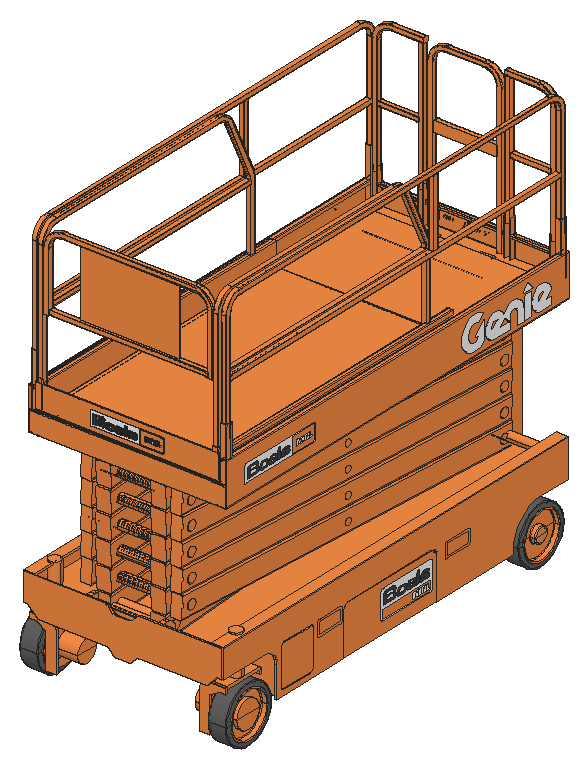
Revit family "BoelsRental_ScissorLift_Genie_GS4655a", category Site, Revit 2019
Family settings
  Round Connector Dimension = Use Diameter
  Part Type = Normal
  OmniClass Number = 23.50.05.14.11
  OmniClass Title = Scissors Lifts
  Work Plane-Based = No
  Always vertical = Yes
  Cut with Voids When Loaded = No
  Shared = No
Parameters (values of type "GS4655")
  _ObjectUserGuide = "https://www.boels.com/"
  _DistributedBy = "https://www.boels.com/"
  _CurrentRevision = 1
  _CreatedBy = "https://www.boels.com/"
  _BimSpecGuid = 0
  _BSBibleVersion = 16
  _AuthorizedBy = "bimstore"
  _Author = "Boels Rental (Genie)"
  WorkingHeightClearanceZone [instance] = no
  WarrantyStartDate [instance] = "Please Record On Commissioning."
  WarrantyGuarantorParts = "https://www.boels.com/"
  WarrantyGuarantorLabor = "https://www.boels.com/"
  WarrantyDurationUnit = "Years"
  WarrantyDurationParts = "0"
  WarrantyDurationLabor = "0"
  WarrantyDescription = "n/a"
  URL = "https://www.boels.com/"
  TypeName = "Scissor Lift - GS4655"
  Type Comments = "Scissor Lift - GS4655"
  SpareParts = "n/a"
  Size = "1400mm x 2750mm x 3140mm"
  Shape = "n/a"
  SerialNumber [instance] = "Please Record On Commissioning."
  ScissorHeightCalc [instance] = if(ScissorHeight > ScissorHeightMax, ScissorHeightMax, if(ScissorHeight < ScissorHeighttMin, ScissorHeighttMin, ScissorHeight))  # 950 mm
  ScissorHeight [instance] = 950 mm
  ReplacementCost = "n/a"
  ReferencedStandard = "n/a"
  ProductionYear = "2022"
  ProductPageLink = "https://www.boels.com/en-it/hire/aerial-work-platform-scissor-lift-173-m-jlg-153-12/p/18069"
  PlatformExtensionMin [instance] = 0 mm  # constant formula
  PlatformExtensionMax [instance] = 1220 mm  # constant formula
  PlatformExtension [instance] = 0 mm
  NominalLength = 3140 mm
  NominalHeight = 2750 mm
  NominalDepth = 1400 mm
  NBSReference = "90-80-65/350"
  NBSOfficeMasterTag = "n/a"
  NBSObjectName = "Boels Rental - Vertical lifting platforms"
  NBSNote = "n/a"
  NBSDescription = "Vertical lifting platforms"
  ModelReference = "Scissor Lift"
  ModelNumber = "GS4655"
  Model = "Scissor Lift - GS4655"
  Material = "Steel"
  ManufacturerName = "Boels Rental (Genie)"
  Manufacturer = "Boels Rental (Genie)"
  Keynote = "X"
  InstallationDate [instance] = "Please Record On Commissioning."
  IfcExportType = "IfcTransportElementType"
  IfcExportAs = "IfcTransportElement"
  Grade = "n/a"
  Finish = "n/a"
  Features = "n/a"
  ExtensionBasketClearanceZone [instance] = no
  ExpectedLife = 0
  ScissorHeighttMin [instance] = 950 mm  # constant formula
  ScissorHeightMax [instance] = 13265 mm  # constant formula
  PlatformExtensionCalc [instance] = if(PlatformExtension > PlatformExtensionMax, PlatformExtensionMax, if(PlatformExtension < PlatformExtensionMin, PlatformExtensionMin, PlatformExtension))  # 0 mm
  ErrorMessage [instance] = "No Error"
  Error [instance] = no
  DurationUnit = "Years"
  DocumentationTechnical = "https://www.boels.com/"
  DocumentationMaintenance = "https://www.boels.com/"
  DocumentationLiterature = "https://www.boels.com/"
  DocumentationInstallationGuide = "https://www.boels.com/"
  DocumentationCertificates = "https://www.boels.com/"
  Description = "SCISSOR LIFT, SELF-PROPELLED, ELEC. <15 M"
  CreatedOn = "2022-03-01T09:00:00"
  CreatedBy = "https://www.boels.com/"
  Cost = 0
  Constituents = "n/a"
  Color = "n/a"
  CodePerformance = "n/a"
  ClassificationValue = "Pr_65_80_47_95"
  ClassificationName = "Uniclass2015"
  C = 2640 mm  # constant formula
  BoelsSubgroup = "18069 - Scissor lift 17.3m battery"
  BasketHeight = 1210 mm  # constant formula
  BaseHeight = 595 mm  # constant formula
  BarCode [instance] = "Please Record On Commissioning."
  BIMObjectName = "BoelsRental_ScissorLift_Genie_GS4655"
  B [instance] = ScissorHeightCalc / 6  # 158.333 mm
  AssetType = "Movable"
  AssetIdentifier [instance] = "Please Record On Commissioning."
  Assembly Code = "E1030100"
  AccessibilityPerformance = "n/a"
  A [instance] = sqrt(C ^ 2 - B ^ 2)  # 2635.248 mm
Reference planes
  plane 1 "Center (Front/Back)": y = 0
  plane 2: z = 0
  plane 3 "Center (Left/Right)": x = 0
  plane 4: z = 2755
  plane 5: z = 1545
  plane 6: z = 595
  plane 7: y = 1220.248
  plane 8: y = -1415
  plane 9: z = 753.333
  plane 10: z = 911.667
  plane 11: z = 1070
  plane 12: z = 1228.333
  plane 13: z = 1386.667
  plane 14: y = 0
  plane 15: y = -1520
Forms (mm)
  Extrusion 1, solid, material "BoelsRental_ClearanceZone", visible <- "ExtensionBasketClearanceZone"
    sketch origin (2163.498, -234.389, 0) x (1, 0, 0) y (0, 1, 0)
      loop
        line (-2862.998, -1180.611) -> (-2862.998, -1285.611) -> (-1463.998, -1285.611) -> (-1463.998, -1180.611) -> (-2862.998, -1180.611)
    from 0 to 1545
Lines and regions (mm)
  reference lines
    curve 1: line (0, 1220.248, 1545) -> (0, -1415, 1386.667)
    curve 2: line (0, 1220.248, 1386.667) -> (0, -1415, 1228.333)
    curve 3: line (0, 1220.248, 1228.333) -> (0, -1415, 1070)
    curve 4: line (0, 1220.248, 1070) -> (0, -1415, 911.667)
    curve 5: line (0, 1220.248, 911.667) -> (0, -1415, 753.333)
    curve 6: line (0, 1220.248, 753.333) -> (0, -1415, 595)
    curve 7: line (0, 1220.248, 753.333) -> (0, 1208.253, 952.973)
    curve 8: line (0, 1220.248, 911.667) -> (0, 1208.253, 1111.307)
    curve 9: line (0, 1220.248, 1070) -> (0, 1208.253, 1269.64)
    curve 10: line (0, 1220.248, 1228.333) -> (0, 1208.253, 1427.973)
    curve 11: line (0, 1220.248, 1386.667) -> (0, 1208.253, 1586.307)
    curve 12: line (0, 1220.248, 1545) -> (0, 1208.253, 1744.64)
    curve 13: line (0, 1220.248, 595) -> (0, -1415, 753.333)
    curve 14: line (0, 1220.248, 753.333) -> (0, -1415, 911.667)
    curve 15: line (0, 1220.248, 911.667) -> (0, -1415, 1070)
    curve 16: line (0, 1220.248, 1070) -> (0, -1415, 1228.333)
    curve 17: line (0, 1220.248, 1228.333) -> (0, -1415, 1386.667)
    curve 18: line (0, 1220.248, 1386.667) -> (0, -1415, 1545)
    curve 19: line (0, -1415, 753.333) -> (0, -1403.005, 952.973)
    curve 20: line (0, -1415, 911.667) -> (0, -1403.005, 1111.307)
    curve 21: line (0, -1415, 1070) -> (0, -1403.005, 1269.64)
    curve 22: line (0, -1415, 1228.333) -> (0, -1403.005, 1427.973)
    curve 23: line (0, -1415, 1386.667) -> (0, -1403.005, 1586.307)
    curve 24: line (0, -1415, 1545) -> (0, -1403.005, 1744.64)
Dimensions and locks
  "BasketHeight": plane 4 to plane 5
  "BaseHeight": plane 6 to plane 2
  "ScissorHeightCalc": plane 5 to plane 6
  "A": plane 7 to plane 8
  locked: plane 1 "Center (Front/Back)" to plane 8 at 1415
  equal spacing: plane 5, plane 13, plane 12, plane 11, plane 10, plane 9, plane 6
  "PlatformExtensionCalc": plane 1 "Center (Front/Back)" to plane 14
  locked: nested 16 to plane 5 at 250
  locked: plane 14 to plane 15 at 1520
  locked: curve 6 to curve 7 (angle 90.00°)
  locked: curve 5 to curve 8 (angle 90.00°)
  locked: curve 4 to curve 9 (angle 90.00°)
  locked: curve 3 to curve 10 (angle 90.00°)
  locked: curve 2 to curve 11 (angle 90.00°)
  locked: curve 1 to curve 12 (angle 90.00°)
  locked: curve 19 to curve 13 (angle 90.00°)
  locked: curve 20 to curve 14 (angle 90.00°)
  locked: curve 21 to curve 15 (angle 90.00°)
  locked: curve 22 to curve 16 (angle 90.00°)
  locked: curve 23 to curve 17 (angle 90.00°)
  locked: curve 24 to curve 18 (angle 90.00°)
  aligned and locked: level to plane 2
  aligned and locked: plane 7 to curve 5
  aligned and locked: plane 7 to curve 4
  aligned and locked: plane 7 to curve 3
  aligned and locked: plane 7 to curve 1
  aligned and locked: plane 8 to curve 6
  aligned and locked: plane 6 to curve 6
  aligned and locked: plane 9 to curve 6
  aligned and locked: plane 11 to curve 4
  aligned and locked: plane 12 to curve 3
  aligned and locked: plane 7 to curve 7
  aligned and locked: plane 7 to curve 18
  aligned and locked: plane 7 to curve 13
  aligned and locked: plane 8 to curve 17
  aligned and locked: plane 6 to curve 13
  aligned and locked: plane 9 to curve 13
  aligned and locked: plane 10 to curve 15
  aligned and locked: plane 12 to curve 16
  aligned and locked: plane 13 to curve 17
  aligned and locked: plane 13 to curve 18
  aligned and locked: plane 5 to curve 18
  aligned and locked: plane 8 to curve 19
  aligned and locked: plane 8 to curve 20
  aligned and locked: plane 8 to curve 21
  aligned and locked: plane 8 to curve 22
  aligned and locked: plane 8 to curve 24
  aligned and locked: plane 11 to curve 21
  aligned and locked: plane 10 to curve 20
  aligned and locked: nested 12 to curve 12
  aligned and locked: nested 11 to curve 11
  aligned and locked: nested 10 to curve 10
  aligned and locked: nested 9 to curve 9
  aligned and locked: nested 8 to curve 8
  aligned and locked: nested 2 to curve 7
  aligned and locked: nested 1 to curve 19
  aligned and locked: nested 3 to curve 20
  aligned and locked: nested 4 to curve 21
  aligned and locked: nested 5 to curve 22
  aligned and locked: nested 6 to curve 23
  aligned and locked: nested 7 to curve 24
  aligned and locked: plane 3 "Center (Left/Right)" to nested 7
  aligned and locked: plane 3 "Center (Left/Right)" to nested 12
  aligned and locked: plane 3 "Center (Left/Right)" to nested 6
  aligned and locked: plane 3 "Center (Left/Right)" to nested 11
  aligned and locked: plane 3 "Center (Left/Right)" to nested 5
  aligned and locked: plane 3 "Center (Left/Right)" to nested 10
  aligned and locked: plane 3 "Center (Left/Right)" to nested 4
  aligned and locked: plane 3 "Center (Left/Right)" to nested 9
  aligned and locked: plane 3 "Center (Left/Right)" to nested 3
  aligned and locked: plane 3 "Center (Left/Right)" to nested 8
  aligned and locked: plane 3 "Center (Left/Right)" to nested 1
  aligned and locked: plane 3 "Center (Left/Right)" to nested 2
  aligned and locked: plane 1 "Center (Front/Back)" to nested 13
  aligned and locked: plane 3 "Center (Left/Right)" to nested 13
  aligned and locked: plane 1 "Center (Front/Back)" to nested 14
  aligned and locked: plane 14 to nested 15
  aligned and locked: plane 3 "Center (Left/Right)" to nested 15
  aligned and locked: plane 3 "Center (Left/Right)" to nested 14
  aligned and locked: Extrusion 1 to level
  aligned and locked: level to Extrusion 1
  aligned and locked: plane 14 to nested 16
  aligned and locked: plane 3 "Center (Left/Right)" to nested 16
  aligned and locked: nested 13 to Extrusion 1 sketch curve
  aligned and locked: Extrusion 1 sketch curve to nested 13
  aligned and locked: Extrusion 1 to plane 8
  aligned and locked: plane 15 to Extrusion 1
  aligned and locked: plane 5 to Extrusion 1
Automatic sketch dimensions
  curve 12 to plane 5 = 0 mm
  plane 8 to Extrusion 1 sketch curve = 0 mm
  Extrusion 1 sketch curve to Extrusion 1 sketch curve = 105 mm
Nested families
  nested 1: "GS4655_Arm" at (0, -97.376, 674.167) x (1, 0, 0) z (0, 0.06, 0.9982), type "GS4655_ArmOutter"
    with Thickness 75 mm, Outter yes, Offset 265 mm, Inner no
  nested 2: "GS4655_Arm" at (0, -97.376, 674.167) x (1, 0, 0) z (0, -0.06, 0.9982), type "GS4655_ArmInner"
  nested 3: "GS4655_Arm" at (0, -97.376, 832.5) x (1, 0, 0) z (0, 0.06, 0.9982), type "GS4655_ArmOutter"
    with Thickness 75 mm, Outter yes, Offset 265 mm, Inner no
  nested 4: "GS4655_Arm" at (0, -97.376, 990.833) x (1, 0, 0) z (0, 0.06, 0.9982), type "GS4655_ArmOutter"
    with Thickness 75 mm, Outter yes, Offset 265 mm, Inner no
  nested 5: "GS4655_Arm" at (0, -97.376, 1149.167) x (1, 0, 0) z (0, 0.06, 0.9982), type "GS4655_ArmOutter"
    with Thickness 75 mm, Outter yes, Offset 265 mm, Inner no
  nested 6: "GS4655_Arm" at (0, -97.376, 1307.5) x (1, 0, 0) z (0, 0.06, 0.9982), type "GS4655_ArmOutter"
    with Thickness 75 mm, Outter yes, Offset 265 mm, Inner no
  nested 7: "GS4655_Arm" at (0, -97.376, 1465.833) x (1, 0, 0) z (0, 0.06, 0.9982), type "GS4655_ArmOutter"
    with Thickness 75 mm, Outter yes, Offset 265 mm, Inner no
  nested 8: "GS4655_Arm" at (0, -97.376, 832.5) x (1, 0, 0) z (0, -0.06, 0.9982), type "GS4655_ArmInner"
  nested 9: "GS4655_Arm" at (0, -97.376, 990.833) x (1, 0, 0) z (0, -0.06, 0.9982), type "GS4655_ArmInner"
  nested 10: "GS4655_Arm" at (0, -97.376, 1149.167) x (1, 0, 0) z (0, -0.06, 0.9982), type "GS4655_ArmInner"
  nested 11: "GS4655_Arm" at (0, -97.376, 1307.5) x (1, 0, 0) z (0, -0.06, 0.9982), type "GS4655_ArmInner"
  nested 12: "GS4655_Arm" at (0, -97.376, 1465.833) x (1, 0, 0) z (0, -0.06, 0.9982), type "GS4655_ArmInner"
  nested 13: "GS4655_Base" at (0, 0, 0), type "GS4655_Base"
  nested 14: "GS4655_Basket" at (0, 0, 1545), type "GS4655_Basket"
  nested 15: "GS4655_BasketExtension" at (0, 0, 1545), type "GS4655_BasketExtension"
  nested 16: "GS4655_ErrorMark" at (0, 0, 1795), visible <- "Error", type "GS4655_ErrorMark"
Definition of nested family "GS4655_Arm"
  Parameters (values of type "Inner")
    Thickness = if(Inner, 100 mm, 75 mm)  # 100 mm
    OverallLength = 2780 mm  # constant formula
    Outter = not(Inner)  # no
    Offset = if(Inner, 135 mm, 265 mm)  # 135 mm
    Inner = yes
    Grey = none
    Default Elevation = 0 mm
  Types (3, lengths in mm): name | Thickness | Outter | Offset | Inner
    (no name) | 100 | no | 135 | yes
    Inner | 100 | no | 135 | yes
    Outter | 75 | yes | 265 | no
  Reference planes
    plane 1 "Center (Front/Back)": y = 0
    plane 2: z = 0
    plane 3 "Center (Left/Right)": x = 0
    plane 4: y = -1320
    plane 5: y = 1320
    plane 6: y = 1390
    plane 7: y = -1390
    plane 8: x = 235
    plane 9: x = 135
    plane 10: x = 245
    plane 11: x = -235
    plane 12: x = -135
    plane 13: x = -245
  Forms (mm)
    Extrusion 1, solid
      sketch origin (0, 0, 0) x (1, 0, 0) y (0, 1, 0)
        loop
          line (-1219.2, 1219.2) -> (-1219.2, -1219.2) -> (1219.2, -1219.2) -> (1219.2, 1219.2) -> (-1219.2, 1219.2)
      from 0 to -304.8
    Sweep 2, solid, material <- "Grey"
      path origin (0, 0, 0) x (1, 0, 0) y (0, 1, 0)
        loop
          line (0, -1390) -> (0, 1390)
      profile origin (0, 0, 0) x (-1, 0, 0) y (0, 0, 1)
        loop
          line (235, -66.3) -> (235, 66.2)
          arc (235, 66.2) -> (232.071, 73.271) -> (225, 76.2) r 10
          line (225, 76.2) -> (145, 76.2)
          arc (145, 76.2) -> (137.929, 73.271) -> (135, 66.2) r 10
          line (135, 66.2) -> (135, -66.3)
          arc (135, -66.3) -> (137.929, -73.371) -> (145, -76.3) r 10
          line (145, -76.3) -> (225, -76.3)
          arc (225, -76.3) -> (232.071, -73.371) -> (235, -66.3) r 10
        loop
          line (-135, -66.3) -> (-135, 66.2)
          arc (-135, 66.2) -> (-137.929, 73.271) -> (-145, 76.2) r 10
          line (-145, 76.2) -> (-225, 76.2)
          arc (-225, 76.2) -> (-232.071, 73.271) -> (-235, 66.2) r 10
          line (-235, 66.2) -> (-235, -66.3)
          arc (-235, -66.3) -> (-232.071, -73.371) -> (-225, -76.3) r 10
          line (-225, -76.3) -> (-145, -76.3)
          arc (-145, -76.3) -> (-137.929, -73.371) -> (-135, -66.3) r 10
    Extrusion 3, solid, material <- "Grey"
      sketch origin (0, 0, 0) x (0, 1, 0) y (0, 0, 1)
        loop
          circle (1320, 0) r 30
        loop
          circle (-1320, 0) r 30
        loop
          circle (0, 0) r 20
      from -245 to 245
  Dimensions and locks
    locked: plane 5 to plane 6 at 70
    locked: plane 4 to plane 7 at 70
    "OverallLength": plane 6 to plane 7
    "Offset": plane 3 "Center (Left/Right)" to plane 9
    "Thickness": plane 9 to plane 8
    locked: plane 8 to plane 10 at 10
    "Offset": plane 3 "Center (Left/Right)" to plane 12
    "Thickness": plane 12 to plane 11
    locked: plane 11 to plane 13 at 10
    equal spacing: plane 7, plane 1 "Center (Front/Back)", plane 6
    aligned and locked: plane 2 to Extrusion 1
    aligned and locked: level to Extrusion 1
    aligned and locked: plane 6 to Sweep 2 sketch curve
    aligned and locked: plane 7 to Sweep 2 sketch curve
    aligned and locked: plane 3 "Center (Left/Right)" to Sweep 2 sketch curve
    aligned and locked: Sweep 2 sketch curve to plane 11
    aligned and locked: Sweep 2 sketch curve to plane 12
    aligned and locked: plane 9 to Sweep 2 sketch curve
    aligned and locked: plane 8 to Sweep 2 sketch curve
    aligned and locked: level to Extrusion 3 sketch curve  (x3)
    aligned and locked: plane 5 to Extrusion 3 sketch curve
    aligned and locked: plane 4 to Extrusion 3 sketch curve
    aligned and locked: plane 1 "Center (Front/Back)" to Extrusion 3 sketch curve
    aligned and locked: Extrusion 3 to plane 13
    aligned and locked: Extrusion 3 to plane 10
  Automatic sketch dimensions
    Extrusion 1 sketch curve to Extrusion 1 sketch curve = 2438.4 mm  (x2)
    Sweep 2 sketch curve to Sweep 2 sketch curve = 10 mm  (x8)
    Sweep 2 sketch curve to level = 76.3 mm  (x2)
    level to Sweep 2 sketch curve = 66.2 mm  (x2)
    radius of Extrusion 3 sketch curve = 30 mm  (x2)
    radius of Extrusion 3 sketch curve = 20 mm
Definition of nested family "GS4655_Base"
  Parameters (values of type "GS4655_Base")
    Tire = none
    Grey = none
    Blue = none
  Reference planes
    plane 1 "Center (Front/Back)": y = 0
    plane 2: z = 0
    plane 3 "Center (Left/Right)": x = 0
    plane 4: z = 595
    plane 5: y = 1095.45
    plane 6: y = -1368.039
    plane 7: z = 190
  Forms (mm)
    Extrusion 1, solid, material <- "Grey"
      sketch origin (0, 0, 0) x (0, 1, 0) y (0, 0, 1)
        loop
          arc (1559, 1247.697) -> (1555.575, 1260.326) -> (1546.239, 1269.496) r 25
          line (1546.239, 1269.496) -> (1450.189, 1323.424)
          arc (1450.189, 1323.424) -> (1425.32, 1323.2) -> (1412.95, 1301.624) r 25
          line (1412.95, 1301.624) -> (1412.95, 539.038)
          arc (1412.95, 539.038) -> (1405.628, 521.36) -> (1387.95, 514.038) r 25
          line (1387.95, 514.038) -> (1349.45, 514.038) -> (1349.45, 133.038) -> (1407.929, 133.038)
          arc (1407.929, 133.038) -> (1417.496, 134.941) -> (1425.606, 140.36) r 25
          line (1425.606, 140.36) -> (1551.678, 266.431)
          arc (1551.678, 266.431) -> (1557.097, 274.542) -> (1559, 284.109) r 25
          line (1559, 284.109) -> (1559, 1247.697)
      from -195 to -185
    Extrusion 2, solid, material <- "Grey"
      sketch origin (0, 0, 0) x (0, 1, 0) y (0, 0, 1)
        loop
          arc (1559, 1247.697) -> (1555.575, 1260.326) -> (1546.239, 1269.496) r 25
          line (1546.239, 1269.496) -> (1450.189, 1323.424)
          arc (1450.189, 1323.424) -> (1425.32, 1323.2) -> (1412.95, 1301.624) r 25
          line (1412.95, 1301.624) -> (1412.95, 539.038)
          arc (1412.95, 539.038) -> (1405.628, 521.36) -> (1387.95, 514.038) r 25
          line (1387.95, 514.038) -> (1349.45, 514.038) -> (1349.45, 133.038) -> (1407.929, 133.038)
          arc (1407.929, 133.038) -> (1417.496, 134.941) -> (1425.606, 140.36) r 25
          line (1425.606, 140.36) -> (1551.678, 266.431)
          arc (1551.678, 266.431) -> (1557.097, 274.542) -> (1559, 284.109) r 25
          line (1559, 284.109) -> (1559, 1247.697)
      from 195 to 185
    Extrusion 3, solid, material <- "Grey"
      sketch origin (0, 0, -571.5) x (0, 1, 0) y (0, 0, 1)
        loop
          line (1497.026, 1246.368) -> (1546.126, 1246.368)
          arc (1546.126, 1246.368) -> (1547.54, 1245.782) -> (1548.126, 1244.368) r 2
          line (1548.126, 1244.368) -> (1548.126, 1228.968)
          arc (1548.126, 1228.968) -> (1547.54, 1227.553) -> (1546.126, 1226.968) r 2
          line (1546.126, 1226.968) -> (1525.726, 1226.968) -> (1525.726, 1223.968) -> (1546.126, 1223.968)
          arc (1546.126, 1223.968) -> (1549.662, 1225.432) -> (1551.126, 1228.968) r 5
          line (1551.126, 1228.968) -> (1551.126, 1244.368)
          arc (1551.126, 1244.368) -> (1549.662, 1247.903) -> (1546.126, 1249.368) r 5
          line (1546.126, 1249.368) -> (1497.026, 1249.368) -> (1497.026, 1246.368)
        loop
          arc (1444.625, 1249.368) -> (1441.089, 1247.903) -> (1439.625, 1244.368) r 5
          line (1439.625, 1244.368) -> (1439.625, 1223.968) -> (1442.625, 1223.968) -> (1442.625, 1244.368)
          arc (1442.625, 1244.368) -> (1443.211, 1245.782) -> (1444.625, 1246.368) r 2
          line (1444.625, 1246.368) -> (1493.724, 1246.368) -> (1493.724, 1249.368) -> (1444.625, 1249.368)
        loop
          line (1497.026, 1532.118) -> (1546.126, 1532.118)
          arc (1546.126, 1532.118) -> (1547.54, 1531.532) -> (1548.126, 1530.118) r 2
          line (1548.126, 1530.118) -> (1548.126, 1514.718)
          arc (1548.126, 1514.718) -> (1547.54, 1513.303) -> (1546.126, 1512.718) r 2
          line (1546.126, 1512.718) -> (1525.726, 1512.718) -> (1525.726, 1509.718) -> (1546.126, 1509.718)
          arc (1546.126, 1509.718) -> (1549.662, 1511.182) -> (1551.126, 1514.718) r 5
          line (1551.126, 1514.718) -> (1551.126, 1530.118)
          arc (1551.126, 1530.118) -> (1549.662, 1533.653) -> (1546.126, 1535.118) r 5
          line (1546.126, 1535.118) -> (1497.026, 1535.118) -> (1497.026, 1532.118)
        loop
          arc (1444.625, 1535.118) -> (1441.089, 1533.653) -> (1439.625, 1530.118) r 5
          line (1439.625, 1530.118) -> (1439.625, 1509.718) -> (1442.625, 1509.718) -> (1442.625, 1530.118)
          arc (1442.625, 1530.118) -> (1443.211, 1531.532) -> (1444.625, 1532.118) r 2
          line (1444.625, 1532.118) -> (1493.724, 1532.118) -> (1493.724, 1535.118) -> (1444.625, 1535.118)
        loop
          line (1497.026, 1817.868) -> (1546.126, 1817.868)
          arc (1546.126, 1817.868) -> (1547.54, 1817.282) -> (1548.126, 1815.868) r 2
          line (1548.126, 1815.868) -> (1548.126, 1800.468)
          arc (1548.126, 1800.468) -> (1547.54, 1799.053) -> (1546.126, 1798.468) r 2
          line (1546.126, 1798.468) -> (1525.726, 1798.468) -> (1525.726, 1795.468) -> (1546.126, 1795.468)
          arc (1546.126, 1795.468) -> (1549.662, 1796.932) -> (1551.126, 1800.468) r 5
          line (1551.126, 1800.468) -> (1551.126, 1815.868)
          arc (1551.126, 1815.868) -> (1549.662, 1819.403) -> (1546.126, 1820.868) r 5
          line (1546.126, 1820.868) -> (1497.026, 1820.868) -> (1497.026, 1817.868)
        loop
          arc (1444.625, 1820.868) -> (1441.089, 1819.403) -> (1439.625, 1815.868) r 5
          line (1439.625, 1815.868) -> (1439.625, 1795.468) -> (1442.625, 1795.468) -> (1442.625, 1815.868)
          arc (1442.625, 1815.868) -> (1443.211, 1817.282) -> (1444.625, 1817.868) r 2
          line (1444.625, 1817.868) -> (1493.724, 1817.868) -> (1493.724, 1820.868) -> (1444.625, 1820.868)
        loop
          line (1497.026, 960.618) -> (1546.126, 960.618)
          arc (1546.126, 960.618) -> (1547.54, 960.032) -> (1548.126, 958.618) r 2
          line (1548.126, 958.618) -> (1548.126, 943.218)
          arc (1548.126, 943.218) -> (1547.54, 941.803) -> (1546.126, 941.218) r 2
          line (1546.126, 941.218) -> (1525.726, 941.218) -> (1525.726, 938.218) -> (1546.126, 938.218)
          arc (1546.126, 938.218) -> (1549.662, 939.682) -> (1551.126, 943.218) r 5
          line (1551.126, 943.218) -> (1551.126, 958.618)
          arc (1551.126, 958.618) -> (1549.662, 962.153) -> (1546.126, 963.618) r 5
          line (1546.126, 963.618) -> (1497.026, 963.618) -> (1497.026, 960.618)
      from -185 to 185
    Extrusion 4, solid, material <- "Blue"
      sketch origin (0, 0, 0) x (1, 0, 0) y (0, 0, 1)
        loop
          line (490.538, 399.738) -> (668.337, 417.518) -> (668.337, 526.738) -> (-668.338, 526.738) -> (-668.338, 417.518) -> (-490.538, 399.738) -> (490.538, 399.738)
      from -1340 to -1330
    Extrusion 5, solid, material <- "Blue"
      sketch origin (0, 0, 0) x (1, 0, 0) y (0, 0, 1)
        loop
          line (668.337, 660.088) -> (118.305, 660.088)
          arc (118.305, 660.088) -> (108.738, 658.184) -> (100.628, 652.765) r 25
          line (100.628, 652.765) -> (64.472, 616.61)
          arc (64.472, 616.61) -> (56.362, 611.191) -> (46.795, 609.288) r 25
          line (46.795, 609.288) -> (-46.795, 609.288)
          arc (-46.795, 609.288) -> (-56.362, 611.191) -> (-64.472, 616.61) r 25
          line (-64.472, 616.61) -> (-100.628, 652.765)
          arc (-100.628, 652.765) -> (-108.738, 658.184) -> (-118.305, 660.088) r 25
          line (-118.305, 660.088) -> (-668.338, 660.088) -> (-668.338, 471.81) -> (-636.588, 471.81) -> (-578.304, 413.527)
          arc (-578.304, 413.527) -> (-570.064, 408.021) -> (-560.344, 406.088) r 25.4
          line (-560.344, 406.088) -> (-111.955, 406.088)
          arc (-111.955, 406.088) -> (-102.388, 404.184) -> (-94.278, 398.765) r 25
          line (-94.278, 398.765) -> (-58.122, 362.61)
          arc (-58.122, 362.61) -> (-50.012, 357.191) -> (-40.445, 355.288) r 25
          line (-40.445, 355.288) -> (40.445, 355.288)
          arc (40.445, 355.288) -> (50.012, 357.191) -> (58.122, 362.61) r 25
          line (58.122, 362.61) -> (94.278, 398.765)
          arc (94.278, 398.765) -> (102.388, 404.184) -> (111.955, 406.088) r 25
          line (111.955, 406.088) -> (560.344, 406.088)
          arc (560.344, 406.088) -> (570.064, 408.021) -> (578.304, 413.527) r 25.4
          line (578.304, 413.527) -> (636.587, 471.81) -> (668.337, 471.81) -> (668.337, 660.088)
      from 1550 to 1560
    Extrusion 6, solid, material <- "Blue"
      sketch origin (0, 0, 0) x (0, 1, 0) y (0, 0, 1)
        loop
          arc (495.996, 384.815) -> (506.603, 389.208) -> (510.996, 399.815) r 15
          line (510.996, 399.815) -> (510.996, 471.415)
          arc (510.996, 471.415) -> (506.603, 482.022) -> (495.996, 486.415) r 15
          line (495.996, 486.415) -> (322.796, 486.415)
          arc (322.796, 486.415) -> (312.189, 482.022) -> (307.796, 471.415) r 15
          line (307.796, 471.415) -> (307.796, 399.815)
          arc (307.796, 399.815) -> (312.189, 389.208) -> (322.796, 384.815) r 15
          line (322.796, 384.815) -> (495.996, 384.815)
        loop
          arc (322.796, 476.415) -> (319.26, 474.951) -> (317.796, 471.415) r 5
          line (317.796, 471.415) -> (317.796, 399.815)
          arc (317.796, 399.815) -> (319.26, 396.279) -> (322.796, 394.815) r 5
          line (322.796, 394.815) -> (495.996, 394.815)
          arc (495.996, 394.815) -> (499.532, 396.279) -> (500.996, 399.815) r 5
          line (500.996, 399.815) -> (500.996, 471.415)
          arc (500.996, 471.415) -> (499.532, 474.951) -> (495.996, 476.415) r 5
          line (495.996, 476.415) -> (322.796, 476.415)
        loop
          arc (-578.741, 384.815) -> (-568.135, 389.208) -> (-563.741, 399.815) r 15
          line (-563.741, 399.815) -> (-563.741, 471.415)
          arc (-563.741, 471.415) -> (-568.135, 482.022) -> (-578.741, 486.415) r 15
          line (-578.741, 486.415) -> (-751.941, 486.415)
          arc (-751.941, 486.415) -> (-762.548, 482.022) -> (-766.941, 471.415) r 15
          line (-766.941, 471.415) -> (-766.941, 399.815)
          arc (-766.941, 399.815) -> (-762.548, 389.208) -> (-751.941, 384.815) r 15
          line (-751.941, 384.815) -> (-578.741, 384.815)
        loop
          arc (-751.941, 476.415) -> (-755.477, 474.951) -> (-756.941, 471.415) r 5
          line (-756.941, 471.415) -> (-756.941, 399.815)
          arc (-756.941, 399.815) -> (-755.477, 396.279) -> (-751.941, 394.815) r 5
          line (-751.941, 394.815) -> (-578.741, 394.815)
          arc (-578.741, 394.815) -> (-575.206, 396.279) -> (-573.741, 399.815) r 5
          line (-573.741, 399.815) -> (-573.741, 471.415)
          arc (-573.741, 471.415) -> (-575.206, 474.951) -> (-578.741, 476.415) r 5
          line (-578.741, 476.415) -> (-751.941, 476.415)
      from -680 to 680
    Extrusion 7, solid, material <- "Blue"
      sketch origin (0, 0, 0) x (0, 1, 0) y (0, 0, 1)
        loop
          line (1349.45, 654.85) -> (-1551.865, 654.85) -> (-1551.865, 471.81) -> (-1208, 471.81)
          arc (-1208, 471.81) -> (-1137.289, 442.521) -> (-1108, 371.81) r 100
          line (-1108, 371.81) -> (-1108, 157.803) -> (-548.946, 157.803) -> (-548.946, 438.638)
          arc (-548.946, 438.638) -> (-534.301, 473.993) -> (-498.946, 488.638) r 50
          line (-498.946, 488.638) -> (192.264, 488.638)
          arc (192.264, 488.638) -> (227.619, 473.993) -> (242.264, 438.638) r 50
          line (242.264, 438.638) -> (242.264, 157.803) -> (879.55, 157.803) -> (879.55, 182.881)
          arc (879.55, 182.881) -> (945.451, 341.98) -> (1104.55, 407.881) r 225
          line (1104.55, 407.881) -> (1349.45, 407.881) -> (1349.45, 654.85)
        loop
          line (-823.611, 484.828) -> (-1047.611, 484.828)
          arc (-1047.611, 484.828) -> (-1065.793, 474.701) -> (-1073.011, 455.182) r 30
          line (-1073.011, 455.182) -> (-1073.011, 220.188)
          arc (-1073.011, 220.188) -> (-1064.225, 198.974) -> (-1043.011, 190.188) r 30
          line (-1043.011, 190.188) -> (-823.611, 190.188)
          arc (-823.611, 190.188) -> (-802.398, 198.974) -> (-793.611, 220.188) r 30
          line (-793.611, 220.188) -> (-793.611, 454.828)
          arc (-793.611, 454.828) -> (-802.398, 476.041) -> (-823.611, 484.828) r 30
        loop
          line (232.264, 157.803) -> (232.264, 438.638)
          arc (232.264, 438.638) -> (220.548, 466.922) -> (192.264, 478.638) r 40
          line (192.264, 478.638) -> (-498.946, 478.638)
          arc (-498.946, 478.638) -> (-527.23, 466.922) -> (-538.946, 438.638) r 40
          line (-538.946, 438.638) -> (-538.946, 157.803) -> (232.264, 157.803)
        loop
          line (-803.611, 220.188) -> (-803.611, 454.828)
          arc (-803.611, 454.828) -> (-809.469, 468.97) -> (-823.611, 474.828) r 20
          line (-823.611, 474.828) -> (-1046.762, 474.828)
          arc (-1046.762, 474.828) -> (-1058.423, 467.93) -> (-1063.011, 455.182) r 20
          line (-1063.011, 455.182) -> (-1063.011, 220.188)
          arc (-1063.011, 220.188) -> (-1057.154, 206.045) -> (-1043.011, 200.188) r 20
          line (-1043.011, 200.188) -> (-823.611, 200.188)
          arc (-823.611, 200.188) -> (-809.469, 206.045) -> (-803.611, 220.188) r 20
      from -675 to -665
    Extrusion 8, solid, material <- "Blue"
      sketch origin (0, 0, 0) x (0, 1, 0) y (0, 0, 1)
        loop
          line (1349.45, 654.85) -> (-1551.865, 654.85) -> (-1551.865, 471.81) -> (-1208, 471.81)
          arc (-1208, 471.81) -> (-1137.289, 442.521) -> (-1108, 371.81) r 100
          line (-1108, 371.81) -> (-1108, 157.803) -> (-548.946, 157.803) -> (-548.946, 438.638)
          arc (-548.946, 438.638) -> (-534.301, 473.993) -> (-498.946, 488.638) r 50
          line (-498.946, 488.638) -> (192.264, 488.638)
          arc (192.264, 488.638) -> (227.619, 473.993) -> (242.264, 438.638) r 50
          line (242.264, 438.638) -> (242.264, 157.803) -> (879.55, 157.803) -> (879.55, 182.881)
          arc (879.55, 182.881) -> (945.451, 341.98) -> (1104.55, 407.881) r 225
          line (1104.55, 407.881) -> (1349.45, 407.881) -> (1349.45, 654.85)
        loop
          line (-823.611, 484.828) -> (-1047.611, 484.828)
          arc (-1047.611, 484.828) -> (-1065.793, 474.701) -> (-1073.011, 455.182) r 30
          line (-1073.011, 455.182) -> (-1073.011, 220.188)
          arc (-1073.011, 220.188) -> (-1064.225, 198.974) -> (-1043.011, 190.188) r 30
          line (-1043.011, 190.188) -> (-823.611, 190.188)
          arc (-823.611, 190.188) -> (-802.398, 198.974) -> (-793.611, 220.188) r 30
          line (-793.611, 220.188) -> (-793.611, 454.828)
          arc (-793.611, 454.828) -> (-802.398, 476.041) -> (-823.611, 484.828) r 30
        loop
          line (232.264, 157.803) -> (232.264, 438.638)
          arc (232.264, 438.638) -> (220.548, 466.922) -> (192.264, 478.638) r 40
          line (192.264, 478.638) -> (-498.946, 478.638)
          arc (-498.946, 478.638) -> (-527.23, 466.922) -> (-538.946, 438.638) r 40
          line (-538.946, 438.638) -> (-538.946, 157.803) -> (232.264, 157.803)
        loop
          line (-803.611, 220.188) -> (-803.611, 454.828)
          arc (-803.611, 454.828) -> (-809.469, 468.97) -> (-823.611, 474.828) r 20
          line (-823.611, 474.828) -> (-1046.762, 474.828)
          arc (-1046.762, 474.828) -> (-1058.423, 467.93) -> (-1063.011, 455.182) r 20
          line (-1063.011, 455.182) -> (-1063.011, 220.188)
          arc (-1063.011, 220.188) -> (-1057.154, 206.045) -> (-1043.011, 200.188) r 20
          line (-1043.011, 200.188) -> (-823.611, 200.188)
          arc (-823.611, 200.188) -> (-809.469, 206.045) -> (-803.611, 220.188) r 20
      from 675 to 665
    Extrusion 9, solid, material <- "Blue"
      sketch origin (0, 0, 0) x (1, 0, 0) y (0, 0, 1)
        loop
          line (-675, 659.85) -> (-675, 654.85) -> (-597, 654.85) -> (-597, 664.85) -> (-670, 664.85)
          arc (-670, 664.85) -> (-673.536, 663.386) -> (-675, 659.85) r 5
        loop
          arc (675, 659.85) -> (673.536, 663.386) -> (670, 664.85) r 5
          line (670, 664.85) -> (597, 664.85) -> (597, 654.85) -> (675, 654.85) -> (675, 659.85)
      from -1349.45 to 1551.865
    Extrusion 10, solid, material <- "Blue"
      sketch origin (0, 0, 0) x (1, 0, 0) y (0, 1, 0)
        loop
          line (-665, -1082.6) -> (-460.866, -1082.6) -> (-200.733, -563.805) -> (200.729, -563.805) -> (460.946, -1082.6) -> (665, -1082.6) -> (665, 307.796) -> (206.057, 307.796) -> (485.639, 831.925) -> (485.639, 1333.575) -> (-485.639, 1333.575) -> (-485.639, 831.925) -> (-206.058, 307.796) -> (-665, 307.796) -> (-665, -1082.6)
      from 160 to 525
    Extrusion 11, solid, material <- "Blue"
      sketch origin (0, 0, 0) x (1, 0, 0) y (0, 1, 0)
        loop
          line (665, 1349.45) -> (-665, 1349.45) -> (-665, -1550) -> (665, -1550) -> (665, 1349.45)
      from 535 to 525
    Revolve 12, solid, material <- "Grey"
      sketch origin (0, 2325.677, 190) x (0, 1, 0) y (-1, 0, 0)
        loop
          line (-1230.227, 475.639) -> (-1178.643, 475.639) -> (-1178.643, 485.639) -> (-1129.326, 485.639) -> (-1129.326, 497.639) -> (-1151.134, 497.639) -> (-1153.814, 507.639) -> (-1173.451, 507.639) -> (-1180.063, 524.863) -> (-1184.703, 562.654) -> (-1180.541, 569.862) -> (-1173.298, 569.862) -> (-1165.276, 635.199) -> (-1104.889, 635.199) -> (-1104.889, 648.199) -> (-1086.477, 648.199)
          arc (-1086.477, 648.199) -> (-1082.942, 646.734) -> (-1081.477, 643.199) r 5
          line (-1081.477, 643.199) -> (-1081.477, 570.5) -> (-1071.477, 570.5) -> (-1071.477, 699.5) -> (-1081.477, 699.5) -> (-1081.477, 665.199)
          arc (-1081.477, 665.199) -> (-1082.942, 661.663) -> (-1086.477, 660.199) r 5
          line (-1086.477, 660.199) -> (-1171.564, 660.199)
          arc (-1171.564, 660.199) -> (-1174.91, 661.483) -> (-1176.537, 664.676) r 5
          line (-1176.537, 664.676) -> (-1179.484, 692.721)
          arc (-1179.484, 692.721) -> (-1181.111, 695.914) -> (-1184.457, 697.199) r 5
          line (-1184.457, 697.199) -> (-1230.227, 697.199) -> (-1230.227, 475.639)
        loop
          line (-1230.227, -475.639) -> (-1230.227, -697.199) -> (-1184.457, -697.199)
          arc (-1184.457, -697.199) -> (-1181.111, -695.914) -> (-1179.484, -692.721) r 5
          line (-1179.484, -692.721) -> (-1176.537, -664.676)
          arc (-1176.537, -664.676) -> (-1174.91, -661.483) -> (-1171.564, -660.199) r 5
          line (-1171.564, -660.199) -> (-1086.477, -660.199)
          arc (-1086.477, -660.199) -> (-1082.942, -661.663) -> (-1081.477, -665.199) r 5
          line (-1081.477, -665.199) -> (-1081.477, -699.5) -> (-1071.477, -699.5) -> (-1071.477, -570.5) -> (-1081.477, -570.5) -> (-1081.477, -643.199)
          arc (-1081.477, -643.199) -> (-1082.942, -646.734) -> (-1086.477, -648.199) r 5
          line (-1086.477, -648.199) -> (-1104.889, -648.199) -> (-1104.889, -635.199) -> (-1165.276, -635.199) -> (-1173.298, -569.862) -> (-1180.541, -569.862) -> (-1184.703, -562.654) -> (-1180.063, -524.863) -> (-1173.451, -507.639) -> (-1153.814, -507.639) -> (-1151.134, -497.639) -> (-1129.326, -497.639) -> (-1129.326, -485.639) -> (-1178.643, -485.639) -> (-1178.643, -475.639) -> (-1230.227, -475.639)
        axis (-1230.227, -699.5) -> (-1230.227, 699.5)
      angle from 0 to 360
    Revolve 13, solid, material <- "Tire"
      sketch origin (0, 2325.677, 190) x (0, 1, 0) y (-1, 0, 0)
        loop
          line (-1071.477, 700.138) -> (-1071.477, 569.862) -> (-1044.532, 573.649)
          arc (-1044.532, 573.649) -> (-1041.454, 575.32) -> (-1040.227, 578.6) r 5
          line (-1040.227, 578.6) -> (-1040.227, 691.4)
          arc (-1040.227, 691.4) -> (-1041.454, 694.68) -> (-1044.532, 696.351) r 5
          line (-1044.532, 696.351) -> (-1071.477, 700.138)
        loop
          line (-1071.477, -700.138) -> (-1044.532, -696.351)
          arc (-1044.532, -696.351) -> (-1041.454, -694.68) -> (-1040.227, -691.4) r 5
          line (-1040.227, -691.4) -> (-1040.227, -578.6)
          arc (-1040.227, -578.6) -> (-1041.454, -575.32) -> (-1044.532, -573.649) r 5
          line (-1044.532, -573.649) -> (-1071.477, -569.862) -> (-1071.477, -700.138)
        axis (-1230.227, -700.138) -> (-1230.227, 700.138)
      angle from 0 to 360
    Revolve 14, solid, material <- "Tire"
      sketch origin (0, 2325.677, 190) x (0, 1, 0) y (-1, 0, 0)
        loop
          line (-3534.967, 700.138) -> (-3534.967, 569.862) -> (-3508.021, 573.649)
          arc (-3508.021, 573.649) -> (-3504.943, 575.32) -> (-3503.717, 578.6) r 5
          line (-3503.717, 578.6) -> (-3503.717, 691.4)
          arc (-3503.717, 691.4) -> (-3504.943, 694.68) -> (-3508.021, 696.351) r 5
          line (-3508.021, 696.351) -> (-3534.967, 700.138)
        loop
          line (-3534.967, -700.138) -> (-3508.021, -696.351)
          arc (-3508.021, -696.351) -> (-3504.943, -694.68) -> (-3503.717, -691.4) r 5
          line (-3503.717, -691.4) -> (-3503.717, -578.6)
          arc (-3503.717, -578.6) -> (-3504.943, -575.32) -> (-3508.021, -573.649) r 5
          line (-3508.021, -573.649) -> (-3534.967, -569.862) -> (-3534.967, -700.138)
        axis (-3693.717, -700.138) -> (-3693.717, 700.138)
      angle from 0 to 360
    Revolve 15, solid, material <- "Grey"
      sketch origin (0, 2325.677, 190) x (0, 1, 0) y (-1, 0, 0)
        loop
          line (-3693.717, 395.349) -> (-3619.803, 395.349) -> (-3619.803, 543.537) -> (-3608.577, 543.537) -> (-3608.577, 558.199) -> (-3589.217, 558.199) -> (-3589.217, 575.849) -> (-3608.577, 575.849) -> (-3608.577, 595.349) -> (-3593.577, 595.349) -> (-3593.577, 628.199) -> (-3573.581, 628.199) -> (-3573.581, 648.199) -> (-3549.967, 648.199)
          arc (-3549.967, 648.199) -> (-3546.431, 646.734) -> (-3544.967, 643.199) r 5
          line (-3544.967, 643.199) -> (-3544.967, 570.5) -> (-3534.967, 570.5) -> (-3534.967, 699.5) -> (-3544.967, 699.5) -> (-3544.967, 665.199)
          arc (-3544.967, 665.199) -> (-3546.431, 661.663) -> (-3549.967, 660.199) r 5
          line (-3549.967, 660.199) -> (-3602.507, 660.199) -> (-3602.507, 690.749) -> (-3693.717, 690.749) -> (-3693.717, 395.349)
        loop
          line (-3693.717, -395.349) -> (-3693.717, -690.749) -> (-3602.507, -690.749) -> (-3602.507, -660.199) -> (-3549.967, -660.199)
          arc (-3549.967, -660.199) -> (-3546.431, -661.663) -> (-3544.967, -665.199) r 5
          line (-3544.967, -665.199) -> (-3544.967, -699.5) -> (-3534.967, -699.5) -> (-3534.967, -570.5) -> (-3544.967, -570.5) -> (-3544.967, -643.199)
          arc (-3544.967, -643.199) -> (-3546.431, -646.734) -> (-3549.967, -648.199) r 5
          line (-3549.967, -648.199) -> (-3573.581, -648.199) -> (-3573.581, -628.199) -> (-3593.577, -628.199) -> (-3593.577, -595.349) -> (-3608.577, -595.349) -> (-3608.577, -575.849) -> (-3589.217, -575.849) -> (-3589.217, -558.199) -> (-3608.577, -558.199) -> (-3608.577, -543.537) -> (-3619.803, -543.537) -> (-3619.803, -395.349) -> (-3693.717, -395.349)
        axis (-3693.717, -699.5) -> (-3693.717, 699.5)
      angle from 0 to 360
    Extrusion 16, solid, material <- "Blue"
      sketch origin (0, 0, 0) x (1, 0, 0) y (0, 1, 0)
        loop
          circle (-610, -1368.039) r 40
        loop
          circle (610, -1368.039) r 40
      from 403.867 to 670.596
    Extrusion 17, solid, material <- "Blue"
      sketch origin (0, 0, 0) x (1, 0, 0) y (0, 0, 1)
        loop
          line (-508, 384.817) -> (-508, 403.867) -> (-660.4, 403.867) -> (-660.4, 384.817) -> (-508, 384.817)
        loop
          line (660.4, 384.817) -> (660.4, 403.867) -> (508, 403.867) -> (508, 384.817) -> (660.4, 384.817)
      from 1505 to 1230
    Extrusion 18, solid, material <- "Blue"
      sketch origin (0, 0, 0) x (1, 0, 0) y (0, 0, 1)
        loop
          line (-482.6, 80.017) -> (-482.6, 352.432) -> (-525.145, 394.977) -> (-660.4, 394.977) -> (-660.4, 359.725) -> (-615.668, 359.725) -> (-552.45, 319.019) -> (-552.45, 80.017) -> (-482.6, 80.017)
        loop
          line (482.6, 80.017) -> (552.45, 80.017) -> (552.45, 319.019) -> (615.668, 359.725) -> (660.4, 359.725) -> (660.4, 394.977) -> (525.145, 394.977) -> (482.6, 352.432) -> (482.6, 80.017)
      from 1505 to 1515
    Extrusion 19, solid, material <- "Blue"
      sketch origin (0, 0, 0) x (0, 1, 0) y (0, 0, 1)
        loop
          line (-1229.92, 279.761) -> (-1275.894, 384.817) -> (-1460.806, 384.817) -> (-1506.78, 279.761) -> (-1506.78, 80.017) -> (-1368.35, 51.766) -> (-1229.92, 80.017) -> (-1229.92, 279.761)
      from 542.5 to 552.45
    Extrusion 20, solid, material <- "Blue"
      sketch origin (0, 0, 0) x (1, 0, 0) y (0, 0, 1)
        loop
          line (-482.6, 80.017) -> (-482.6, 352.432) -> (-525.145, 394.977) -> (-660.4, 394.977) -> (-660.4, 359.725) -> (-615.668, 359.725) -> (-552.45, 319.019) -> (-552.45, 80.017) -> (-482.6, 80.017)
        loop
          line (482.6, 80.017) -> (552.45, 80.017) -> (552.45, 319.019) -> (615.668, 359.725) -> (660.4, 359.725) -> (660.4, 394.977) -> (525.145, 394.977) -> (482.6, 352.432) -> (482.6, 80.017)
      from 1220 to 1230
    Extrusion 21, solid, material <- "Blue"
      sketch origin (0, 0, 0) x (0, 1, 0) y (0, 0, 1)
        loop
          line (-1229.92, 279.761) -> (-1275.894, 384.817) -> (-1460.806, 384.817) -> (-1506.78, 279.761) -> (-1506.78, 80.017) -> (-1368.35, 51.766) -> (-1229.92, 80.017) -> (-1229.92, 279.761)
      from -542.5 to -552.5
    Extrusion 22, solid, material <- "Grey"
      sketch origin (0, 0, 0) x (0, 1, 0) y (0, 0, 1)
        loop
          line (1325.785, 658.5) -> (1198.785, 658.5) -> (1198.785, 531.5) -> (1325.785, 531.5) -> (1325.785, 658.5)
      from -655 to -595
    Extrusion 23, solid, material <- "Grey"
      sketch origin (0, 0, 0) x (0, 1, 0) y (0, 0, 1)
        loop
          circle (1262.285, 595) r 30
      from -595 to 595
    Extrusion 24, solid, material <- "Grey"
      sketch origin (0, 0, 0) x (0, 1, 0) y (0, 0, 1)
        loop
          line (-1539.489, 541.025) -> (-1539.489, 633.1) -> (-1549.014, 633.1) -> (-1549.014, 531.5) -> (-1441.064, 531.5) -> (-1441.064, 541.025) -> (-1539.489, 541.025)
      from -405 to 405
    Extrusion 25, solid, material <- "Grey"
      sketch origin (0, 0, 0) x (0, 1, 0) y (0, 0, 1)
        loop
          arc (-1444.239, 598.175) -> (-1460.978, 638.586) -> (-1501.389, 655.325) r 57.15
          line (-1501.389, 655.325) -> (-1539.489, 655.325) -> (-1539.489, 541.025) -> (-1444.239, 541.025) -> (-1444.239, 598.175)
      from 260 to 225
    Extrusion 26, solid, material <- "Grey"
      sketch origin (0, 0, 0) x (0, 1, 0) y (0, 0, 1)
        loop
          arc (-1444.239, 598.175) -> (-1460.978, 638.586) -> (-1501.389, 655.325) r 57.15
          line (-1501.389, 655.325) -> (-1539.489, 655.325) -> (-1539.489, 541.025) -> (-1444.239, 541.025) -> (-1444.239, 598.175)
      from -260 to -225
    Extrusion 27, solid, material <- "Grey"
      sketch origin (0, 0, 0) x (0, 1, 0) y (0, 0, 1)
        loop
          circle (-1475.776, 602.045) r 20
      from -225 to 225
    Extrusion 28, solid, material <- "Grey"
      sketch origin (0, 0, 0) x (0, 1, 0) y (0, 0, 1)
        loop
          line (1325.785, 658.5) -> (1198.785, 658.5) -> (1198.785, 531.5) -> (1325.785, 531.5) -> (1325.785, 658.5)
      from 655 to 595
  Cuts and joins
    joined: Extrusion 7, Extrusion 8, Extrusion 9
  Dimensions and locks
    aligned and locked: level to plane 2
  Nested families
    nested 1: "Logo_Type2_430x200mm" at (-675, -18.014, 340.011) x (0, -1, 0) z (-1, 0, 0), type "Logo_Type2_430x200mm"
    nested 2: "Logo_Type2_430x200mm" at (675, -18.014, 340.011) x (0, 1, 0) z (1, 0, 0), type "Logo_Type2_430x200mm"
  Definition of nested family "Logo_Type2_430x200mm"
    Parameters (values of type "Logo_Type2_430x200mm")
      White = none
      Orange = none
      Default Elevation = 0 mm
      Black = none
    Reference planes
      plane 1 "Center (Front/Back)": y = 0
      plane 2: z = 0
      plane 3 "Center (Left/Right)": x = 0
      plane 4: x = -215
      plane 5: x = 215
      plane 6: y = 100
      plane 7: y = -100
    Forms (mm)
      Extrusion 1, solid
        sketch origin (0, 0, 0) x (1, 0, 0) y (0, 1, 0)
          loop
            line (-1219.2, 1219.2) -> (-1219.2, -1219.2) -> (1219.2, -1219.2) -> (1219.2, 1219.2) -> (-1219.2, 1219.2)
        from 0 to -304.8
      Extrusion 2, solid, material <- "Black"
        sketch origin (50.699, 0, 0) x (1, 0, 0) y (0, 1, 0)
          loop
            line (-240.657, -4.683) -> (-160.249, -4.683)
            arc (-160.249, -4.683) -> (-139.509, 13.191) -> (-154.126, 36.342) r 20.97
            arc (-154.126, 36.342) -> (-142.928, 59.263) -> (-162.843, 75.207) r 20.41
            line (-162.843, 75.207) -> (-240.657, 75.207) -> (-240.657, -4.683)
          loop
            line (36.882, -4.683) -> (55.039, -4.683) -> (55.039, 75.207) -> (36.882, 75.207) -> (36.882, -4.683)
          loop
            line (-217.313, 13.474) -> (-170.624, 13.474)
            arc (-170.624, 13.474) -> (-162.843, 21.255) -> (-170.624, 29.037) r 7.781
            line (-170.624, 29.037) -> (-217.313, 29.037) -> (-217.313, 13.474)
          loop
            line (-217.313, 58.347) -> (-217.313, 42.784) -> (-173.218, 42.784)
            arc (-173.218, 42.784) -> (-165.437, 50.565) -> (-173.218, 58.347) r 7.781
            line (-173.218, 58.347) -> (-217.313, 58.347)
          loop
            arc (-129.508, 36.228) -> (-131.498, 22.552) -> (-129.508, 8.876) r 47.986
            arc (-129.508, 8.876) -> (-125.21, 1.935) -> (-117.989, -1.876) r 15.563
            arc (-117.989, -1.876) -> (-92.591, -4.683) -> (-67.192, -1.876) r 116.29
            arc (-67.192, -1.876) -> (-59.971, 1.935) -> (-55.673, 8.876) r 15.563
            arc (-55.673, 8.876) -> (-53.683, 22.552) -> (-55.673, 36.228) r 47.986
            arc (-55.673, 36.228) -> (-59.971, 43.169) -> (-67.192, 46.98) r 15.563
            arc (-67.192, 46.98) -> (-92.591, 49.787) -> (-117.989, 46.98) r 116.29
            arc (-117.989, 46.98) -> (-125.21, 43.169) -> (-129.508, 36.228) r 15.563
          loop
            arc (-103.205, 34.967) -> (-107.504, 33.098) -> (-109.949, 29.099) r 7.781
            arc (-109.949, 29.099) -> (-110.747, 22.552) -> (-109.949, 16.005) r 27.235
            arc (-109.949, 16.005) -> (-107.504, 12.006) -> (-103.205, 10.137) r 7.781
            arc (-103.205, 10.137) -> (-92.591, 9.583) -> (-81.976, 10.137) r 102.024
            arc (-81.976, 10.137) -> (-77.677, 12.006) -> (-75.232, 16.005) r 7.781
            arc (-75.232, 16.005) -> (-74.434, 22.552) -> (-75.232, 29.099) r 27.235
            arc (-75.232, 29.099) -> (-77.677, 33.098) -> (-81.976, 34.967) r 7.781
            arc (-81.976, 34.967) -> (-92.591, 35.521) -> (-103.205, 34.967) r 102.024
          loop
            arc (-45.209, 36.228) -> (-47.199, 22.552) -> (-45.209, 8.876) r 47.986
            arc (-45.209, 8.876) -> (-40.911, 1.935) -> (-33.69, -1.876) r 15.563
            arc (-33.69, -1.876) -> (-8.291, -4.683) -> (17.108, -1.876) r 116.29
            arc (17.108, -1.876) -> (24.328, 1.935) -> (28.626, 8.876) r 15.563
            arc (28.626, 8.876) -> (29.176, 10.884) -> (29.638, 12.913) r 47.986
            line (29.638, 12.913) -> (8.4, 12.913)
            arc (8.4, 12.913) -> (5.885, 9.194) -> (1.735, 7.483) r 7.781
            arc (1.735, 7.483) -> (-8.291, 6.989) -> (-18.317, 7.483) r 102.024
            arc (-18.317, 7.483) -> (-22.468, 9.194) -> (-24.982, 12.913) r 7.781
            arc (-24.982, 12.913) -> (-25.859, 16.398) -> (-26.344, 19.958) r 32.423
            line (-26.344, 19.958) -> (30.546, 19.958)
            arc (30.546, 19.958) -> (30.285, 28.175) -> (28.626, 36.228) r 47.986
            arc (28.626, 36.228) -> (24.328, 43.169) -> (17.108, 46.98) r 15.563
            arc (17.108, 46.98) -> (-8.291, 49.787) -> (-33.69, 46.98) r 116.29
            arc (-33.69, 46.98) -> (-40.911, 43.169) -> (-45.209, 36.228) r 15.563
          loop
            arc (-18.317, 37.621) -> (-22.468, 35.91) -> (-24.982, 32.191) r 7.781
            arc (-24.982, 32.191) -> (-25.427, 30.624) -> (-25.793, 29.037) r 32.423
            line (-25.793, 29.037) -> (9.21, 29.037)
            arc (9.21, 29.037) -> (8.845, 30.624) -> (8.4, 32.191) r 32.423
            arc (8.4, 32.191) -> (5.885, 35.91) -> (1.735, 37.621) r 7.781
            arc (1.735, 37.621) -> (-8.291, 38.115) -> (-18.317, 37.621) r 102.024
          loop
            line (82.274, -4.683) -> (123.775, -4.683)
            arc (123.775, -4.683) -> (140.635, 12.177) -> (123.775, 29.037) r 16.86
            line (123.775, 29.037) -> (91.352, 29.037)
            arc (91.352, 29.037) -> (86.164, 34.224) -> (91.352, 39.412) r 5.188
            line (91.352, 39.412) -> (112.103, 39.412)
            arc (112.103, 39.412) -> (115.384, 38.243) -> (117.186, 35.262) r 5.188
            line (117.186, 35.262) -> (140.472, 35.262)
            arc (140.472, 35.262) -> (134.841, 45.648) -> (123.775, 49.787) r 16.86
            line (123.775, 49.787) -> (82.274, 49.787)
            arc (82.274, 49.787) -> (65.414, 32.927) -> (82.274, 16.067) r 16.86
            line (82.274, 16.067) -> (114.697, 16.067)
            arc (114.697, 16.067) -> (119.884, 10.88) -> (114.697, 5.692) r 5.188
            line (114.697, 5.692) -> (91.352, 5.692)
            arc (91.352, 5.692) -> (87.684, 7.212) -> (86.164, 10.88) r 5.188
            line (86.164, 10.88) -> (86.164, 12.177) -> (65.414, 12.177)
            arc (65.414, 12.177) -> (70.352, 0.255) -> (82.274, -4.683) r 16.86
        from 0 to 2.5
      Extrusion 3, solid, material <- "White"
        sketch origin (71.97, 0, 0) x (1, 0, 0) y (0, 1, 0)
          loop
            arc (-284.215, -83.471) -> (-280.181, -93.211) -> (-270.441, -97.245) r 13.774
            line (-270.441, -97.245) -> (126.501, -97.245)
            arc (126.501, -97.245) -> (136.241, -93.211) -> (140.275, -83.471) r 13.774
            line (140.275, -83.471) -> (140.275, 83.471)
            arc (140.275, 83.471) -> (136.241, 93.211) -> (126.501, 97.245) r 13.774
            line (126.501, 97.245) -> (-270.441, 97.245)
            arc (-270.441, 97.245) -> (-280.181, 93.211) -> (-284.215, 83.471) r 13.774
            line (-284.215, 83.471) -> (-284.215, -83.471)
          loop
            line (-281.46, -23.416) -> (-281.46, -83.471)
            arc (-281.46, -83.471) -> (-278.233, -91.263) -> (-270.441, -94.49) r 11.019
            line (-270.441, -94.49) -> (126.501, -94.49)
            arc (126.501, -94.49) -> (134.293, -91.263) -> (137.521, -83.471) r 11.019
            line (137.521, -83.471) -> (137.521, -23.416) -> (-281.46, -23.416)
          loop
            line (-261.928, -4.683) -> (-181.52, -4.683)
            arc (-181.52, -4.683) -> (-160.78, 13.191) -> (-175.397, 36.342) r 20.97
            arc (-175.397, 36.342) -> (-164.199, 59.263) -> (-184.114, 75.207) r 20.41
            line (-184.114, 75.207) -> (-261.928, 75.207) -> (-261.928, -4.683)
          loop
            line (15.611, -4.683) -> (33.768, -4.683) -> (33.768, 75.207) -> (15.611, 75.207) -> (15.611, -4.683)
          loop
            line (-238.584, 13.474) -> (-191.895, 13.474)
            arc (-191.895, 13.474) -> (-184.114, 21.255) -> (-191.895, 29.037) r 7.781
            line (-191.895, 29.037) -> (-238.584, 29.037) -> (-238.584, 13.474)
          loop
            line (-238.584, 58.347) -> (-238.584, 42.784) -> (-194.489, 42.784)
            arc (-194.489, 42.784) -> (-186.707, 50.565) -> (-194.489, 58.347) r 7.781
            line (-194.489, 58.347) -> (-238.584, 58.347)
          loop
            arc (-150.779, 36.228) -> (-152.769, 22.552) -> (-150.779, 8.876) r 47.986
            arc (-150.779, 8.876) -> (-146.481, 1.935) -> (-139.26, -1.876) r 15.563
            arc (-139.26, -1.876) -> (-113.861, -4.683) -> (-88.463, -1.876) r 116.29
            arc (-88.463, -1.876) -> (-81.242, 1.935) -> (-76.944, 8.876) r 15.563
            arc (-76.944, 8.876) -> (-74.954, 22.552) -> (-76.944, 36.228) r 47.986
            arc (-76.944, 36.228) -> (-81.242, 43.169) -> (-88.463, 46.98) r 15.563
            arc (-88.463, 46.98) -> (-113.861, 49.787) -> (-139.26, 46.98) r 116.29
            arc (-139.26, 46.98) -> (-146.481, 43.169) -> (-150.779, 36.228) r 15.563
          loop
            arc (-124.476, 34.967) -> (-128.775, 33.098) -> (-131.22, 29.099) r 7.781
            arc (-131.22, 29.099) -> (-132.018, 22.552) -> (-131.22, 16.005) r 27.235
            arc (-131.22, 16.005) -> (-128.775, 12.006) -> (-124.476, 10.137) r 7.781
            arc (-124.476, 10.137) -> (-113.861, 9.583) -> (-103.247, 10.137) r 102.024
            arc (-103.247, 10.137) -> (-98.948, 12.006) -> (-96.503, 16.005) r 7.781
            arc (-96.503, 16.005) -> (-95.705, 22.552) -> (-96.503, 29.099) r 27.235
            arc (-96.503, 29.099) -> (-98.948, 33.098) -> (-103.247, 34.967) r 7.781
            arc (-103.247, 34.967) -> (-113.861, 35.521) -> (-124.476, 34.967) r 102.024
          loop
            arc (-66.479, 36.228) -> (-68.469, 22.552) -> (-66.479, 8.876) r 47.986
            arc (-66.479, 8.876) -> (-62.182, 1.935) -> (-54.961, -1.876) r 15.563
            arc (-54.961, -1.876) -> (-29.562, -4.683) -> (-4.163, -1.876) r 116.29
            arc (-4.163, -1.876) -> (3.057, 1.935) -> (7.355, 8.876) r 15.563
            arc (7.355, 8.876) -> (7.905, 10.884) -> (8.367, 12.913) r 47.986
            line (8.367, 12.913) -> (-12.871, 12.913)
            arc (-12.871, 12.913) -> (-15.386, 9.194) -> (-19.536, 7.483) r 7.781
            arc (-19.536, 7.483) -> (-29.562, 6.989) -> (-39.588, 7.483) r 102.024
            arc (-39.588, 7.483) -> (-43.739, 9.194) -> (-46.253, 12.913) r 7.781
            arc (-46.253, 12.913) -> (-47.13, 16.398) -> (-47.615, 19.958) r 32.423
            line (-47.615, 19.958) -> (9.275, 19.958)
            arc (9.275, 19.958) -> (9.015, 28.175) -> (7.355, 36.228) r 47.986
            arc (7.355, 36.228) -> (3.057, 43.169) -> (-4.163, 46.98) r 15.563
            arc (-4.163, 46.98) -> (-29.562, 49.787) -> (-54.961, 46.98) r 116.29
            arc (-54.961, 46.98) -> (-62.182, 43.169) -> (-66.479, 36.228) r 15.563
          loop
            arc (-39.588, 37.621) -> (-43.739, 35.91) -> (-46.253, 32.191) r 7.781
            arc (-46.253, 32.191) -> (-46.698, 30.624) -> (-47.064, 29.037) r 32.423
            line (-47.064, 29.037) -> (-12.06, 29.037)
            arc (-12.06, 29.037) -> (-12.426, 30.624) -> (-12.871, 32.191) r 32.423
            arc (-12.871, 32.191) -> (-15.386, 35.91) -> (-19.536, 37.621) r 7.781
            arc (-19.536, 37.621) -> (-29.562, 38.115) -> (-39.588, 37.621) r 102.024
          loop
            line (61.003, -4.683) -> (102.504, -4.683)
            arc (102.504, -4.683) -> (119.364, 12.177) -> (102.504, 29.037) r 16.86
            line (102.504, 29.037) -> (70.081, 29.037)
            arc (70.081, 29.037) -> (64.894, 34.224) -> (70.081, 39.412) r 5.188
            line (70.081, 39.412) -> (90.832, 39.412)
            arc (90.832, 39.412) -> (94.113, 38.243) -> (95.915, 35.262) r 5.188
            line (95.915, 35.262) -> (119.201, 35.262)
            arc (119.201, 35.262) -> (113.57, 45.648) -> (102.504, 49.787) r 16.86
            line (102.504, 49.787) -> (61.003, 49.787)
            arc (61.003, 49.787) -> (44.143, 32.927) -> (61.003, 16.067) r 16.86
            line (61.003, 16.067) -> (93.426, 16.067)
            arc (93.426, 16.067) -> (98.613, 10.88) -> (93.426, 5.692) r 5.188
            line (93.426, 5.692) -> (70.081, 5.692)
            arc (70.081, 5.692) -> (66.413, 7.212) -> (64.894, 10.88) r 5.188
            line (64.894, 10.88) -> (64.894, 12.177) -> (44.143, 12.177)
            arc (44.143, 12.177) -> (49.081, 0.255) -> (61.003, -4.683) r 16.86
          loop
            line (-15.614, -41.072) -> (-15.614, -76.834) -> (-8.727, -76.834) -> (-8.727, -61.733) -> (-5.972, -61.733)
            arc (-5.972, -61.733) -> (-2.076, -63.347) -> (-0.462, -67.243) r 5.51
            line (-0.462, -67.243) -> (-0.462, -76.834) -> (6.425, -76.834) -> (6.425, -67.243)
            arc (6.425, -67.243) -> (5.367, -62.233) -> (2.375, -58.077) r 12.397
            arc (2.375, -58.077) -> (6.007, -47.633) -> (-2.895, -41.072) r 9.319
            line (-2.895, -41.072) -> (-15.614, -41.072)
          loop
            line (-8.727, -46.582) -> (-8.727, -56.223) -> (-5.283, -56.223)
            arc (-5.283, -56.223) -> (-0.462, -51.403) -> (-5.283, -46.582) r 4.821
            line (-5.283, -46.582) -> (-8.727, -46.582)
          loop
            line (10.282, -41.072) -> (10.282, -76.834) -> (27.361, -76.834) -> (27.361, -71.325) -> (15.791, -71.325) -> (15.791, -61.683) -> (24.607, -61.683) -> (24.607, -56.223) -> (15.791, -56.223) -> (15.791, -46.582) -> (27.361, -46.582) -> (27.361, -41.072) -> (10.282, -41.072)
          loop
            line (29.014, -76.834) -> (34.524, -76.834) -> (34.524, -52.993) -> (45.543, -76.834) -> (51.053, -76.834) -> (51.053, -41.072) -> (45.543, -41.072) -> (45.543, -64.914) -> (34.524, -41.072) -> (29.014, -41.072) -> (29.014, -76.834)
          loop
            line (62.072, -76.834) -> (67.582, -76.834) -> (67.582, -46.582) -> (75.846, -46.582) -> (75.846, -41.072) -> (53.808, -41.072) -> (53.808, -46.582) -> (62.072, -46.582) -> (62.072, -76.834)
          loop
            line (76.948, -76.834) -> (82.559, -76.834) -> (84.151, -68.57) -> (91.784, -68.57) -> (93.376, -76.834) -> (98.987, -76.834) -> (92.1, -41.072) -> (83.835, -41.072) -> (76.948, -76.834)
          loop
            line (87.334, -52.041) -> (85.212, -63.06) -> (90.723, -63.06) -> (88.601, -52.041) -> (87.334, -52.041)
          loop
            line (101.742, -76.834) -> (118.27, -76.834) -> (118.27, -71.325) -> (107.251, -71.325) -> (107.251, -41.072) -> (101.742, -41.072) -> (101.742, -76.834)
        from 0 to 2.5
    Dimensions and locks
      plane 6 to plane 7 = 200 mm
      plane 4 to plane 5 = 430 mm
      aligned and locked: plane 2 to Extrusion 1
      aligned and locked: level to Extrusion 1
